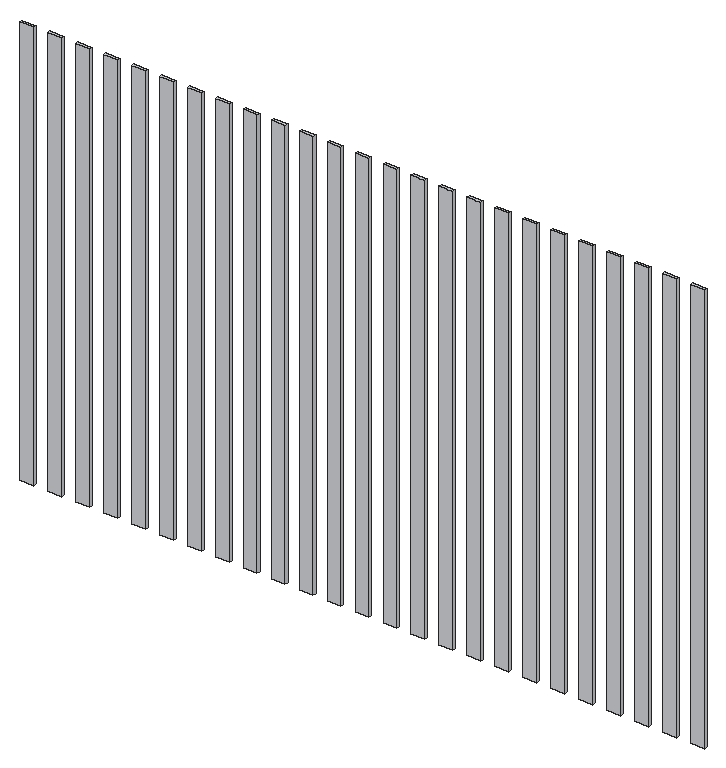
Revit family
Parameters
  Lunghezza max [instance] = 5000 mm
  gap [instance] = 200 mm
  matricenum [instance] = Lunghezza max / gap  # 25
Reference planes
  plane 1 "Center (Front/Back)": y = 0
  plane 2: z = 0
  plane 3 "Center (Left/Right)": x = 0
  plane 4: x = -5000
Dimensions and locks
  "Lunghezza max": plane 4 to plane 3 "Center (Left/Right)"
  equal spacing: group 2, group 25, group 24, group 23, group 22, group 21, group 20, group 19, group 18, group 17, group 16, group 15, group 14, group 13, group 12, group 11, group 10, group 9, group 8, group 7, group 6, group 5, group 4, group 3, group 1
  equal spacing: group 1, group 3, group 4, group 5, group 6, group 7, group 8, group 9, group 10, group 11, group 12, group 13, group 14, group 15, group 16, group 17, group 18, group 19, group 20, group 21, group 22, group 23, group 24, group 25, group 2  (x2)
  aligned and locked: nested 1 to level
  aligned and locked: nested 2 to level
  aligned and locked: nested 3 to level
  aligned and locked: nested 4 to level
  aligned and locked: nested 5 to level
  aligned and locked: plane 3 "Center (Left/Right)" to nested 1
  aligned and locked: plane 4 to nested 2
Nested families
  nested 1: "trave" at (-50, 0, -315.234), type "trave"
    with cwidth 100 mm, Height 3000 mm, Depth 20 mm
  nested 2: "trave" at (-4950, 0, -315.234), type "trave"
    with cwidth 100 mm, Height 3000 mm, Depth 20 mm
  nested 3: "trave" at (-254.167, 0, -315.234), type "trave"
    with cwidth 100 mm, Height 3000 mm, Depth 20 mm
  nested 4: "trave" at (-458.333, 0, -315.234), type "trave"
    with cwidth 100 mm, Height 3000 mm, Depth 20 mm
  nested 5: "trave" at (-662.5, 0, -315.234), type "trave"
    with cwidth 100 mm, Height 3000 mm, Depth 20 mm
  nested 6: "trave" at (-866.667, 0, -315.234), type "trave"
    with cwidth 100 mm, Height 3000 mm, Depth 20 mm
  nested 7: "trave" at (-1070.833, 0, -315.234), type "trave"
    with cwidth 100 mm, Height 3000 mm, Depth 20 mm
  nested 8: "trave" at (-1275, 0, -315.234), type "trave"
    with cwidth 100 mm, Height 3000 mm, Depth 20 mm
  nested 9: "trave" at (-1479.167, 0, -315.234), type "trave"
    with cwidth 100 mm, Height 3000 mm, Depth 20 mm
  nested 10: "trave" at (-1683.333, 0, -315.234), type "trave"
    with cwidth 100 mm, Height 3000 mm, Depth 20 mm
  nested 11: "trave" at (-1887.5, 0, -315.234), type "trave"
    with cwidth 100 mm, Height 3000 mm, Depth 20 mm
  nested 12: "trave" at (-2091.667, 0, -315.234), type "trave"
    with cwidth 100 mm, Height 3000 mm, Depth 20 mm
  nested 13: "trave" at (-2295.833, 0, -315.234), type "trave"
    with cwidth 100 mm, Height 3000 mm, Depth 20 mm
  nested 14: "trave" at (-2500, 0, -315.234), type "trave"
    with cwidth 100 mm, Height 3000 mm, Depth 20 mm
  nested 15: "trave" at (-2704.167, 0, -315.234), type "trave"
    with cwidth 100 mm, Height 3000 mm, Depth 20 mm
  nested 16: "trave" at (-2908.333, 0, -315.234), type "trave"
    with cwidth 100 mm, Height 3000 mm, Depth 20 mm
  nested 17: "trave" at (-3112.5, 0, -315.234), type "trave"
    with cwidth 100 mm, Height 3000 mm, Depth 20 mm
  nested 18: "trave" at (-3316.667, 0, -315.234), type "trave"
    with cwidth 100 mm, Height 3000 mm, Depth 20 mm
  nested 19: "trave" at (-3520.833, 0, -315.234), type "trave"
    with cwidth 100 mm, Height 3000 mm, Depth 20 mm
  nested 20: "trave" at (-3725, 0, -315.234), type "trave"
    with cwidth 100 mm, Height 3000 mm, Depth 20 mm
  nested 21: "trave" at (-3929.167, 0, -315.234), type "trave"
    with cwidth 100 mm, Height 3000 mm, Depth 20 mm
  nested 22: "trave" at (-4133.333, 0, -315.234), type "trave"
    with cwidth 100 mm, Height 3000 mm, Depth 20 mm
  nested 23: "trave" at (-4337.5, 0, -315.234), type "trave"
    with cwidth 100 mm, Height 3000 mm, Depth 20 mm
  nested 24: "trave" at (-4541.667, 0, -315.234), type "trave"
    with cwidth 100 mm, Height 3000 mm, Depth 20 mm
  nested 25: "trave" at (-4745.833, 0, -315.234), type "trave"
    with cwidth 100 mm, Height 3000 mm, Depth 20 mm
Definition of nested family "trave"
  Parameters
    cwidth [instance] = 100 mm
    Height [instance] = 3000 mm
    Depth [instance] = 20 mm
  Reference planes
    plane 1 "Center (Front/Back)": y = 0
    plane 2: z = 315.234
    plane 3 "Center (Left/Right)": x = 0
    plane 4: x = -50
    plane 5: x = 50
    plane 6: y = 10
    plane 7: y = -10
    plane 8: z = 3315.234
  Forms (mm)
    Extrusion 1, solid
      sketch origin (0, 0, 0) x (1, 0, 0) y (0, 1, 0)
        loop
          line (-50, 10) -> (-50, -10) -> (50, -10) -> (50, 10) -> (-50, 10)
      from 315.234 to 3315.234
  Dimensions and locks
    equal spacing: plane 6, plane 1 "Center (Front/Back)", plane 7
    equal spacing: plane 4, plane 3 "Center (Left/Right)", plane 5
    "Depth": plane 6 to plane 7
    "cwidth": plane 4 to plane 5
    "Height": plane 8 to plane 2
    aligned and locked: plane 8 to Extrusion 1
    aligned and locked: Extrusion 1 to plane 2
    aligned and locked: plane 6 to Extrusion 1
    aligned and locked: plane 5 to Extrusion 1
    aligned and locked: Extrusion 1 to plane 4
    aligned and locked: Extrusion 1 to plane 7
  Automatic sketch dimensions
    Extrusion 1 sketch curve to plane 7 = 0 mm
    Extrusion 1 sketch curve to plane 4 = 0 mm
    plane 4 to Extrusion 1 sketch curve = 100 mm
    plane 7 to Extrusion 1 sketch curve = 20 mm
